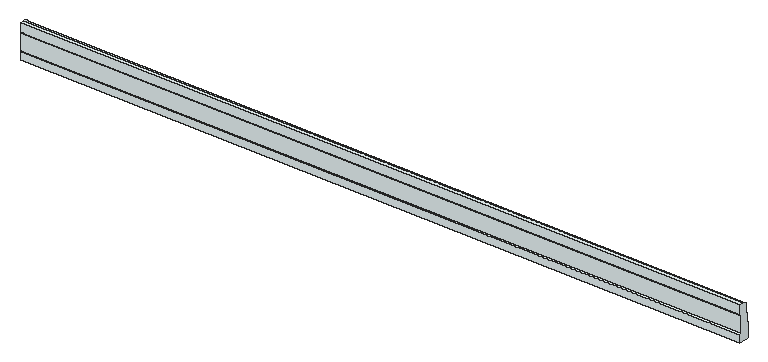
Revit family "Trim_Casing", category Generic Models, Revit 2026
Family settings
  Can host rebar = No
  Round Connector Dimension = Use Diameter
  Part Type = Normal
  Classification Number = 23.35.10.34.17
  Cut with Voids When Loaded = No
  Maintain Annotation Orientation = No
  Shared = No
  Room Calculation Point = No
Parameters (values of type "ByProfile")
  Warranty Duration (Years) = 1
  Trim Material = ARCAT - Wood - Pine_FJ-Primed
  Test Data = ""
  Specification = "http://www.arcat.com/divs/sec/sec06450.shtml"
  Sales Information = ""
  Product Properties = "http://www.arcat.com/bim/bim_info.pl?fn=Trim_Casing"
  Product Data = "http://www.arcat.com/divs/sec/sec06450.shtml"
  Model = "Generic"  # constant formula
  Manufacturer Website = "http://www.arcat.com/"
  Manufacturer Phone - Toll Free = ""
  Manufacturer Phone = "(203) 929-9444"  # constant formula
  Manufacturer Fax = "(203) 929-2444"  # constant formula
  Manufacturer Email = "bim@arcat.com"  # constant formula
  Manufacturer Address = "1077 Bridgeport Ave, Shelton, CT 06484"  # constant formula
  Manufacturer = "Generic"  # constant formula
  Maintenance Schedule (Months) = 12
  built-in parameter 1001306 [instance] = 4' - 0"
  Keynote = "06450"
  Installation-Fabrication = ""
  Installation Phase = ""
  Green Building-LEED = "http://www.arcat.com/green/green_building.shtml"
  Expected Lifespan (Years) = 30
  Drawn By = "Robert S. Weygant, CSI, CDT, SCIP"  # constant formula
  Description = "Window and Door Casing"
  Default Elevation = 0' - 0"
  Copyright = "2008, ARCAT, Inc."  # constant formula
  Construction Details = "http://www.arcat.com/divs/sec/sec06450.shtml"
  Building Codes = ""
  Assembly Code = "C3010130"
Reference planes (in)
  plane 1 "Center (Front/Back)": y = 0
  plane 2: z = 0
  plane 3 "Left": x = 0
  plane 4 "Right": x = 48
Forms (in)
  Sweep 1, solid, material "ARCAT - Wood - Pine_FJ-Primed" <- "Trim Material"
    path in 3D
      loop
        line (0, 0, 0) -> (48, 0, 0)
    profile "Casing-Colonial_2-25 : Casing-Colonial_2-25" origin (24, 0, 0) x (0, 1, 0) y (0, 0, 1)
      loop
        arc (0.5625, 0) -> (0.65089, 0.03661) -> (0.6875, 0.125) r 0.125
        line (0.6875, 0.125) -> (0.6875, 0.4384)
        arc (0.6875, 0.4384) -> (0.65093, 0.52683) -> (0.5625, 0.5634) r 0.12486
        arc (0.5625, 0.5634) -> (0.66712, 0.71655) -> (0.66652, 0.90202) r 0.31254
        line (0.66652, 0.90202) -> (0.59606, 1.12625)
        arc (0.59606, 1.12625) -> (0.52641, 1.4345) -> (0.50821, 1.75) r 1.92261
        line (0.50821, 1.75) -> (0.44109, 1.75) -> (0.44109, 2.125)
        arc (0.44109, 2.125) -> (0.40448, 2.21339) -> (0.31609, 2.25) r 0.125
        line (0.31609, 2.25) -> (0, 2.25) -> (0, 1.65194) -> (0.0625, 1.58944) -> (0.0625, 0.54587) -> (0, 0.48337) -> (0, 0) -> (0.5625, 0)
Lines and regions (in)
  reference lines
    curve 1: line (0, 0, 0) -> (48, 0, 0)
  sketch lines
    curve 2: line (0, 0, 0) -> (48, 0, 0)
Dimensions and locks (in)
  "built-in parameter 1001306": plane 3 "Left" to plane 4 "Right"
  aligned and locked: plane 4 "Right" to curve 1
  aligned and locked: plane 1 "Center (Front/Back)" to curve 1
  aligned and locked: plane 3 "Left" to curve 1
  aligned and locked: plane 3 "Left" to Sweep 1
  aligned and locked: plane 4 "Right" to Sweep 1
